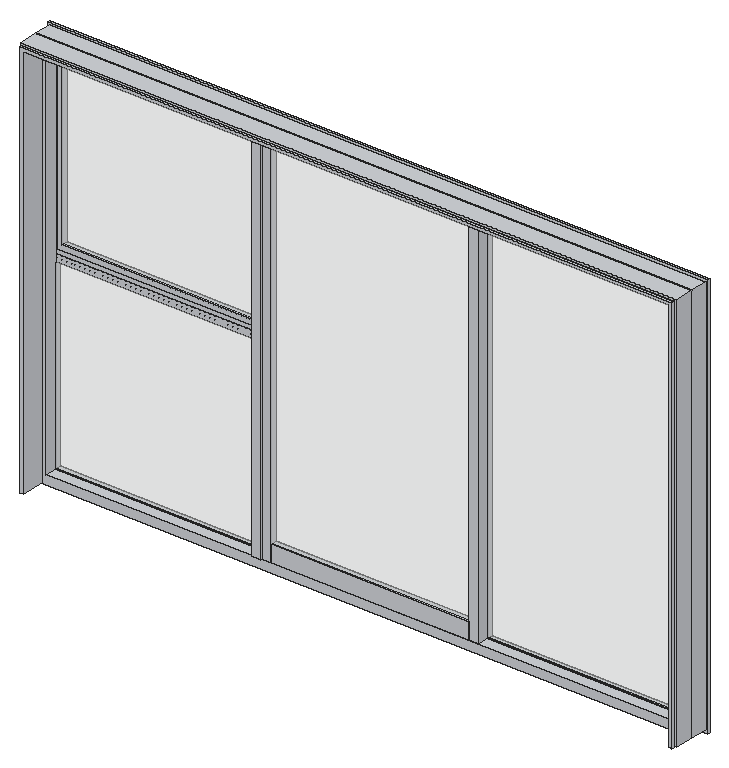
Revit family "APL Residential Thermal Heart Sliding Door FSF with Sidelight", category Doors, host Wall, Revit 2017 (continued)
Definition of nested family "APL Residential Thermal Heart Sliding Door FSF with Sidelight Horizontal Section"
  Definition of nested family "Jamb&Sash"
    Definition of nested family "65400_Jamb Fixed"
      Lines and regions (mm)
        detail lines, in view "Ref. Level"
          curve 133: line (40.611, 35.169, 0) -> (53.707, 34.1, 0)
          curve 134: line (53.707, 34.1, 0) -> (58.307, 34.1, 0)
          curve 135: line (58.307, 34.1, 0) -> (58.707, 33.7, 0)
          curve 136: line (58.707, 33.7, 0) -> (59.107, 34.1, 0)
          curve 137: line (59.107, 34.1, 0) -> (68.1, 34.1, 0)
          curve 138: line (68.3, 34.3, 0) -> (68.3, 42.5, 0)
          curve 139: line (68.8, 43, 0) -> (71.117, 43, 0)
          curve 140: line (71.887, 43.268, 0) -> (73.297, 43.782, 0)
          curve 141: line (73.699, 43.474, 0) -> (73.492, 41.108, 0)
          curve 142: line (73.405, 40.922, 0) -> (73.041, 40.559, 0)
          curve 143: line (72.707, 40.648, 0) -> (72.662, 40.816, 0)
          curve 144: line (72.521, 40.957, 0) -> (70.388, 41.528, 0)
          curve 145: line (70.2, 40.753, 0) -> (70.2, 37.525, 0)
          curve 146: line (70.2, 37.5, 0) -> (70.006, 36.75, 0)
          curve 147: line (70.2, 36.5, 0) -> (70.721, 36.5, 0)
          curve 148: line (70.877, 36.544, 0) -> (72.131, 37.309, 0)
          curve 149: line (72.7, 37.45, 0) -> (72.7, 35.876, 0)
          curve 150: line (72.7, 34.126, 0) -> (72.7, 32.551, 0)
          curve 151: line (72.131, 32.691, 0) -> (70.877, 33.456, 0)
          curve 152: line (70.721, 33.5, 0) -> (70.2, 33.5, 0)
          curve 153: line (70.006, 33.25, 0) -> (70.2, 32.5, 0)
          curve 154: line (70.2, 32.475, 0) -> (70.2, 29.247, 0)
          curve 155: line (70.532, 28.51, 0) -> (72.521, 29.043, 0)
          curve 156: line (72.662, 29.184, 0) -> (72.707, 29.352, 0)
          curve 157: line (73.041, 29.441, 0) -> (73.405, 29.078, 0)
          curve 158: line (73.492, 28.892, 0) -> (73.699, 26.526, 0)
          curve 159: line (73.297, 26.218, 0) -> (71.887, 26.732, 0)
          curve 160: line (71.117, 27, 0) -> (66.201, 27, 0)
          curve 161: line (65.7, 26.5, 0) -> (65.7, 17.481, 0)
          curve 162: line (67.7, 11, 0) -> (67.7, 9.9, 0)
          curve 163: line (67.9, 9.7, 0) -> (69.3, 9.7, 0)
          curve 164: line (69.5, 9.9, 0) -> (69.5, 10.2, 0)
          curve 165: line (70.5, 10.2, 0) -> (70.5, 7.649, 0)
          curve 166: line (69.5, 7.65, 0) -> (69.5, 8.5, 0)
          curve 167: line (69.3, 8.7, 0) -> (67.9, 8.7, 0)
          curve 168: line (67.7, 8.5, 0) -> (67.7, 1.2, 0)
          curve 169: line (67.9, 1, 0) -> (69.3, 1, 0)
          curve 170: line (69.5, 1.2, 0) -> (69.5, 2.05, 0)
          curve 171: line (70.5, 2.05, 0) -> (70.5, 0.501, 0)
          curve 172: line (70, 0, 0) -> (42.7, 0, 0)
          curve 173: line (42.5, 0.2, 0) -> (42.5, 1.75, 0)
          curve 174: line (43.5, 1.75, 0) -> (43.5, 1.2, 0)
          curve 175: line (43.7, 1, 0) -> (44.8, 1, 0)
          curve 176: line (45, 1.2, 0) -> (45, 6.3, 0)
          curve 177: line (44.8, 6.5, 0) -> (43.7, 6.5, 0)
          curve 178: line (43.5, 6.3, 0) -> (43.5, 5.75, 0)
          curve 179: line (42.5, 5.75, 0) -> (42.5, 6.5, 0)
          curve 180: line (43.5, 7.5, 0) -> (44.395, 7.5, 0)
          curve 181: line (44.6, 7.7, 0) -> (44.6, 18.8, 0)
          curve 182: line (44.395, 19, 0) -> (34.3, 19, 0)
          curve 183: line (34.3, 19, 0) -> (33.9, 19.4, 0)
          curve 184: line (33.9, 19.4, 0) -> (33.5, 19, 0)
          curve 185: line (33.5, 19, 0) -> (26.583, 19, 0)
          curve 186: line (25.813, 18.732, 0) -> (24.403, 18.218, 0)
          curve 187: line (24.001, 18.526, 0) -> (24.208, 20.892, 0)
          curve 188: line (24.295, 21.078, 0) -> (24.659, 21.441, 0)
          curve 189: line (24.993, 21.352, 0) -> (25.038, 21.184, 0)
          curve 190: line (25.179, 21.043, 0) -> (27.312, 20.472, 0)
          curve 191: line (27.5, 21.247, 0) -> (27.5, 24.475, 0)
          curve 192: line (27.5, 24.5, 0) -> (27.694, 25.25, 0)
          curve 193: line (27.5, 25.5, 0) -> (26.979, 25.5, 0)
          curve 194: line (26.823, 25.456, 0) -> (25.569, 24.691, 0)
          curve 195: line (25, 24.55, 0) -> (25, 26.126, 0)
          curve 196: line (25.479, 26.979, 0) -> (26.284, 27.471, 0)
          curve 197: line (26.389, 27.5, 0) -> (27.5, 27.5, 0)
          curve 198: line (27.5, 27.5, 0) -> (27.5, 34.3, 0)
          curve 199: arc (27.5, 34.3, 0) -> (27.447, 34.435, 0) -> (27.317, 34.499, 0) r 0.2
          curve 200: arc (70.2, 32.6, 0) -> (70.317, 32.883, 0) -> (70.6, 33, 0) r 0.4
          curve 201: arc (70.893, 33, 0) -> (70.996, 32.986, 0) -> (71.093, 32.946, 0) r 0.4
          curve 202: arc (72.621, 32.061, 0) -> (72.911, 31.941, 0) -> (73.222, 31.9, 0) r 1.2
          curve 203: arc (74.145, 31.9, 0) -> (74.718, 31.719, 0) -> (75.084, 31.242, 0) r 1
          curve 204: arc (75.877, 29.063, 0) -> (76.024, 28.872, 0) -> (76.253, 28.8, 0) r 0.4
          curve 205: arc (78.947, 28.8, 0) -> (79.176, 28.872, 0) -> (79.323, 29.063, 0) r 0.4
          curve 206: arc (80.116, 31.242, 0) -> (80.482, 31.719, 0) -> (81.055, 31.9, 0) r 1
          curve 207: arc (81.978, 31.9, 0) -> (82.289, 31.941, 0) -> (82.579, 32.061, 0) r 1.2
          curve 208: arc (84.107, 32.946, 0) -> (84.204, 32.986, 0) -> (84.307, 33, 0) r 0.4
          curve 209: arc (84.6, 33, 0) -> (84.883, 32.883, 0) -> (85, 32.6, 0) r 0.4
          curve 210: arc (85, 29.2, 0) -> (84.883, 28.917, 0) -> (84.6, 28.8, 0) r 0.4
          curve 211: arc (84.307, 28.8, 0) -> (84.204, 28.814, 0) -> (84.107, 28.854, 0) r 0.4
          curve 212: arc (82.579, 29.739, 0) -> (82.285, 29.86, 0) -> (81.97, 29.9, 0) r 1.2
          curve 213: arc (81.97, 29.9, 0) -> (81.795, 29.847, 0) -> (81.684, 29.703, 0) r 0.3
          curve 214: arc (80.796, 27.263, 0) -> (80.649, 27.072, 0) -> (80.42, 27, 0) r 0.4
          curve 215: arc (74.78, 27, 0) -> (74.551, 27.072, 0) -> (74.404, 27.263, 0) r 0.4
          curve 216: arc (73.516, 29.703, 0) -> (73.405, 29.847, 0) -> (73.23, 29.9, 0) r 0.3
          curve 217: arc (73.23, 29.9, 0) -> (72.915, 29.86, 0) -> (72.621, 29.739, 0) r 1.2
          curve 218: arc (71.093, 28.854, 0) -> (70.996, 28.814, 0) -> (70.893, 28.8, 0) r 0.4
          curve 219: arc (70.6, 28.8, 0) -> (70.317, 28.917, 0) -> (70.2, 29.2, 0) r 0.4
          curve 220: line (70.6, 33, 0) -> (70.893, 33, 0)
          curve 221: line (71.093, 32.946, 0) -> (72.621, 32.061, 0)
          curve 222: line (73.222, 31.9, 0) -> (74.145, 31.9, 0)
          curve 223: line (75.084, 31.242, 0) -> (75.877, 29.063, 0)
          curve 224: line (76.253, 28.8, 0) -> (78.947, 28.8, 0)
          curve 225: line (79.323, 29.063, 0) -> (80.116, 31.242, 0)
          curve 226: line (81.055, 31.9, 0) -> (81.978, 31.9, 0)
          curve 227: line (82.579, 32.061, 0) -> (84.107, 32.946, 0)
          curve 228: line (84.307, 33, 0) -> (84.6, 33, 0)
          curve 229: line (85, 32.6, 0) -> (85, 29.2, 0)
          curve 230: line (84.6, 28.8, 0) -> (84.307, 28.8, 0)
          curve 231: line (84.107, 28.854, 0) -> (82.579, 29.739, 0)
          curve 232: line (81.684, 29.703, 0) -> (80.796, 27.263, 0)
          curve 233: line (80.42, 27, 0) -> (74.78, 27, 0)
          curve 234: line (74.404, 27.263, 0) -> (73.516, 29.703, 0)
          curve 235: line (72.621, 29.739, 0) -> (71.093, 28.854, 0)
          curve 236: line (70.893, 28.8, 0) -> (70.6, 28.8, 0)
          curve 237: line (70.2, 29.2, 0) -> (70.2, 32.6, 0)
          curve 238: arc (70.2, 37.4, 0) -> (70.317, 37.117, 0) -> (70.6, 37, 0) r 0.4
          curve 239: arc (70.893, 37, 0) -> (70.996, 37.014, 0) -> (71.093, 37.054, 0) r 0.4
          curve 240: arc (72.621, 37.939, 0) -> (72.911, 38.059, 0) -> (73.222, 38.1, 0) r 1.2
          curve 241: arc (74.145, 38.1, 0) -> (74.718, 38.281, 0) -> (75.084, 38.758, 0) r 1
          curve 242: arc (75.877, 40.937, 0) -> (76.024, 41.128, 0) -> (76.253, 41.2, 0) r 0.4
          curve 243: arc (78.947, 41.2, 0) -> (79.176, 41.128, 0) -> (79.323, 40.937, 0) r 0.4
          curve 244: arc (80.116, 38.758, 0) -> (80.482, 38.281, 0) -> (81.055, 38.1, 0) r 1
          curve 245: arc (81.978, 38.1, 0) -> (82.289, 38.059, 0) -> (82.579, 37.939, 0) r 1.2
          curve 246: arc (84.107, 37.054, 0) -> (84.204, 37.014, 0) -> (84.307, 37, 0) r 0.4
          curve 247: arc (84.6, 37, 0) -> (84.883, 37.117, 0) -> (85, 37.4, 0) r 0.4
          curve 248: arc (85, 40.8, 0) -> (84.883, 41.083, 0) -> (84.6, 41.2, 0) r 0.4
          curve 249: arc (84.307, 41.2, 0) -> (84.204, 41.186, 0) -> (84.107, 41.146, 0) r 0.4
          curve 250: arc (82.579, 40.262, 0) -> (82.285, 40.14, 0) -> (81.97, 40.1, 0) r 1.2
          curve 251: arc (81.97, 40.1, 0) -> (81.795, 40.153, 0) -> (81.684, 40.297, 0) r 0.3
          curve 252: arc (80.796, 42.737, 0) -> (80.649, 42.928, 0) -> (80.42, 43, 0) r 0.4
          curve 253: arc (74.78, 43, 0) -> (74.551, 42.928, 0) -> (74.404, 42.737, 0) r 0.4
          curve 254: arc (73.516, 40.297, 0) -> (73.405, 40.153, 0) -> (73.23, 40.1, 0) r 0.3
          curve 255: arc (73.23, 40.1, 0) -> (72.915, 40.14, 0) -> (72.621, 40.262, 0) r 1.2
          curve 256: arc (71.093, 41.146, 0) -> (70.996, 41.186, 0) -> (70.893, 41.2, 0) r 0.4
          curve 257: arc (70.6, 41.2, 0) -> (70.317, 41.083, 0) -> (70.2, 40.8, 0) r 0.4
          curve 258: line (70.6, 37, 0) -> (70.893, 37, 0)
          curve 259: line (71.093, 37.054, 0) -> (72.621, 37.939, 0)
          curve 260: line (73.222, 38.1, 0) -> (74.145, 38.1, 0)
          curve 261: line (75.084, 38.758, 0) -> (75.877, 40.937, 0)
          curve 262: line (76.253, 41.2, 0) -> (78.947, 41.2, 0)
          curve 263: line (79.323, 40.937, 0) -> (80.116, 38.758, 0)
          curve 264: line (81.055, 38.1, 0) -> (81.978, 38.1, 0)
          curve 265: line (82.579, 37.939, 0) -> (84.107, 37.054, 0)
          curve 266: line (84.307, 37, 0) -> (84.6, 37, 0)
          curve 267: line (85, 37.4, 0) -> (85, 40.8, 0)
          curve 268: line (84.6, 41.2, 0) -> (84.307, 41.2, 0)
          curve 269: line (84.107, 41.146, 0) -> (82.579, 40.262, 0)
          curve 270: line (81.684, 40.297, 0) -> (80.796, 42.737, 0)
          curve 271: line (80.42, 43, 0) -> (74.78, 43, 0)
          curve 272: line (74.404, 42.737, 0) -> (73.516, 40.297, 0)
          curve 273: line (72.621, 40.262, 0) -> (71.093, 41.146, 0)
          curve 274: line (70.893, 41.2, 0) -> (70.6, 41.2, 0)
          curve 275: line (70.2, 40.8, 0) -> (70.2, 37.4, 0)
          curve 276: arc (113.4, 7.123, 0) -> (113.327, 7.05, 0) -> (113.3, 6.95, 0) r 0.2
          curve 277: arc (113.3, 2.75, 0) -> (113.327, 2.65, 0) -> (113.4, 2.577, 0) r 0.2
          curve 278: arc (113.4, 2.577, 0) -> (113.473, 2.504, 0) -> (113.5, 2.404, 0) r 0.2
          curve 279: arc (113.5, 1.2, 0) -> (113.441, 1.059, 0) -> (113.3, 1, 0) r 0.2
          curve 280: arc (111.701, 1, 0) -> (111.559, 1.058, 0) -> (111.5, 1.2, 0) r 0.2
          curve 281: arc (111.5, 2.05, 0) -> (111, 2.549, 0) -> (110.5, 2.05, 0) r 0.5
          curve 282: arc (110.5, 0.5, 0) -> (110.646, 0.146, 0) -> (111, 0, 0) r 0.499
          curve 283: arc (114.5, 0, 0) -> (114.847, 0.153, 0) -> (115, 0.5, 0) r 0.523
          curve 284: arc (115, 21.5, 0) -> (114.856, 21.856, 0) -> (114.5, 22, 0) r 0.493
          curve 285: arc (111.7, 22, 0) -> (111.558, 22.058, 0) -> (111.5, 22.2, 0) r 0.199
          curve 286: arc (111.5, 29.801, 0) -> (110.852, 31.441, 0) -> (109.258, 32.195, 0) r 2.399
          curve 287: arc (109.258, 32.195, 0) -> (108.878, 32.412, 0) -> (108.814, 32.844, 0) r 0.5
          curve 288: arc (108.814, 32.844, 0) -> (109, 34.047, 0) -> (108.816, 35.25, 0) r 4
          curve 289: arc (108.816, 35.25, 0) -> (108.89, 35.696, 0) -> (109.293, 35.9, 0) r 0.5
          curve 290: arc (109.5, 35.9, 0) -> (110.914, 36.486, 0) -> (111.5, 37.9, 0) r 2.001
          curve 291: arc (120.75, 41.5, 0) -> (121.501, 42.253, 0) -> (120.745, 43, 0) r 0.75
          curve 292: arc (111.5, 43, 0) -> (110.439, 42.561, 0) -> (110, 41.5, 0) r 1.5
          curve 293: arc (110, 38, 0) -> (109.941, 37.859, 0) -> (109.8, 37.8, 0) r 0.2
          curve 294: arc (100.5, 37.8, 0) -> (100.146, 37.654, 0) -> (100, 37.3, 0) r 0.5
          curve 295: arc (100, 36.8, 0) -> (100.146, 36.446, 0) -> (100.5, 36.3, 0) r 0.5
          curve 296: arc (101.927, 36.3, 0) -> (102.266, 36.167, 0) -> (102.426, 35.84, 0) r 0.5
          curve 297: arc (102.426, 35.84, 0) -> (102.912, 35.197, 0) -> (103.7, 35.366, 0) r 0.75
          curve 298: arc (103.7, 35.366, 0) -> (105, 35.9, 0) -> (106.3, 35.366, 0) r 1.85
          curve 299: arc (106.3, 35.366, 0) -> (106.442, 35.256, 0) -> (106.607, 35.183, 0) r 0.75
          curve 300: arc (106.607, 35.183, 0) -> (106.791, 35.08, 0) -> (106.916, 34.91, 0) r 0.5
          curve 301: arc (106.916, 34.91, 0) -> (107.1, 34.05, 0) -> (106.916, 33.19, 0) r 2.1
          curve 302: arc (106.916, 33.19, 0) -> (106.791, 33.02, 0) -> (106.607, 32.917, 0) r 0.5
          curve 303: arc (106.607, 32.917, 0) -> (106.442, 32.844, 0) -> (106.3, 32.734, 0) r 0.75
          curve 304: arc (106.3, 32.734, 0) -> (105, 32.2, 0) -> (103.7, 32.734, 0) r 1.85
          curve 305: arc (103.7, 32.734, 0) -> (103.027, 32.936, 0) -> (102.482, 32.491, 0) r 0.75
          curve 306: arc (102.482, 32.491, 0) -> (102.32, 32.284, 0) -> (102.075, 32.188, 0) r 0.5
          curve 307: arc (102.075, 32.188, 0) -> (101.154, 31.86, 0) -> (100.481, 31.15, 0) r 2.1
          curve 308: arc (100.481, 31.15, 0) -> (100.298, 30.967, 0) -> (100.048, 30.9, 0) r 0.5
          curve 309: arc (91.556, 30.9, 0) -> (91.287, 30.978, 0) -> (91.103, 31.188, 0) r 0.5
          curve 310: arc (91.103, 31.188, 0) -> (90.328, 32.071, 0) -> (89.2, 32.4, 0) r 2.1
          curve 311: arc (87.9, 32.4, 0) -> (87.193, 32.693, 0) -> (86.9, 33.4, 0) r 1
          curve 312: arc (86.9, 42.5, 0) -> (86.754, 42.854, 0) -> (86.4, 43, 0) r 0.5
          curve 313: arc (84.083, 43, 0) -> (83.778, 42.801, 0) -> (83.505, 43.043, 0) r 0.3
          curve 314: arc (83.505, 43.043, 0) -> (83.439, 43.181, 0) -> (83.313, 43.268, 0) r 0.3
          curve 315: arc (81.903, 43.782, 0) -> (81.617, 43.738, 0) -> (81.501, 43.474, 0) r 0.3
          curve 316: arc (81.708, 41.108, 0) -> (81.735, 41.008, 0) -> (81.795, 40.922, 0) r 0.3
          curve 317: arc (82.159, 40.559, 0) -> (82.352, 40.507, 0) -> (82.493, 40.648, 0) r 0.2
          curve 318: arc (82.538, 40.816, 0) -> (82.59, 40.905, 0) -> (82.679, 40.957, 0) r 0.2
          curve 319: arc (84.822, 41.49, 0) -> (85.164, 41.343, 0) -> (85.1, 40.976, 0) r 0.3
          curve 320: arc (85.1, 40.976, 0) -> (85.026, 40.875, 0) -> (85, 40.753, 0) r 0.3
          curve 321: arc (85.194, 36.75, 0) -> (85.158, 36.578, 0) -> (85, 36.5, 0) r 0.2
          curve 322: arc (84.479, 36.5, 0) -> (84.398, 36.511, 0) -> (84.323, 36.544, 0) r 0.3
          curve 323: arc (83.069, 37.309, 0) -> (83.063, 37.502, 0) -> (82.92, 37.633, 0) r 0.25
          curve 324: arc (82.92, 37.633, 0) -> (82.65, 37.679, 0) -> (82.5, 37.45, 0) r 0.25
          curve 325: arc (82.5, 35.874, 0) -> (82.582, 35.477, 0) -> (82.815, 35.146, 0) r 1
          curve 326: arc (82.815, 35.146, 0) -> (82.878, 35, 0) -> (82.815, 34.854, 0) r 0.2
          curve 327: arc (82.815, 34.854, 0) -> (82.582, 34.523, 0) -> (82.5, 34.126, 0) r 1
          curve 328: arc (82.5, 32.55, 0) -> (82.628, 32.332, 0) -> (82.88, 32.337, 0) r 0.25
          curve 329: arc (82.966, 32.389, 0) -> (83.072, 32.521, 0) -> (83.069, 32.691, 0) r 0.25
          curve 330: arc (84.323, 33.456, 0) -> (84.398, 33.489, 0) -> (84.479, 33.5, 0) r 0.3
          curve 331: arc (85, 33.5, 0) -> (85.158, 33.423, 0) -> (85.194, 33.25, 0) r 0.2
          curve 332: arc (85, 29.247, 0) -> (85.026, 29.125, 0) -> (85.1, 29.024, 0) r 0.3
          curve 333: arc (85.1, 29.024, 0) -> (85.164, 28.657, 0) -> (84.822, 28.51, 0) r 0.3
          curve 334: arc (82.679, 29.043, 0) -> (82.59, 29.095, 0) -> (82.538, 29.184, 0) r 0.2
          curve 335: arc (82.493, 29.352, 0) -> (82.352, 29.493, 0) -> (82.159, 29.441, 0) r 0.2
          curve 336: arc (81.795, 29.078, 0) -> (81.735, 28.992, 0) -> (81.708, 28.892, 0) r 0.3
          curve 337: arc (81.501, 26.526, 0) -> (81.617, 26.262, 0) -> (81.903, 26.218, 0) r 0.3
          curve 338: arc (83.313, 26.732, 0) -> (83.439, 26.819, 0) -> (83.505, 26.957, 0) r 0.3
          curve 339: arc (83.505, 26.957, 0) -> (83.778, 27.199, 0) -> (84.083, 27, 0) r 0.3
          curve 340: arc (86.7, 27, 0) -> (86.841, 27.059, 0) -> (86.9, 27.2, 0) r 0.2
          curve 341: arc (86.9, 30.3, 0) -> (86.959, 30.441, 0) -> (87.1, 30.5, 0) r 0.2
          curve 342: arc (89.2, 30.5, 0) -> (89.341, 30.441, 0) -> (89.4, 30.3, 0) r 0.2
          curve 343: arc (89.4, 29.2, 0) -> (89.459, 29.059, 0) -> (89.6, 29, 0) r 0.2
          curve 344: arc (101.9, 29, 0) -> (102.042, 29.059, 0) -> (102.1, 29.2, 0) r 0.2
          curve 345: arc (102.1, 30.1, 0) -> (102.159, 30.241, 0) -> (102.3, 30.3, 0) r 0.2
          curve 346: arc (109.1, 30.3, 0) -> (109.454, 30.154, 0) -> (109.6, 29.8, 0) r 0.5
          curve 347: arc (109.6, 28.5, 0) -> (109.541, 28.359, 0) -> (109.4, 28.3, 0) r 0.2
          curve 348: arc (107.3, 28.3, 0) -> (107.159, 28.241, 0) -> (107.1, 28.1, 0) r 0.2
          curve 349: arc (107.1, 27.2, 0) -> (107.159, 27.059, 0) -> (107.3, 27, 0) r 0.2
          curve 350: arc (109.5, 27, 0) -> (109.854, 26.854, 0) -> (110, 26.5, 0) r 0.5
          curve 351: arc (110, 20.2, 0) -> (110.146, 19.846, 0) -> (110.5, 19.7, 0) r 0.5
          curve 352: arc (111.3, 19.7, 0) -> (111.441, 19.759, 0) -> (111.5, 19.9, 0) r 0.2
          curve 353: arc (113.3, 20.7, 0) -> (113.441, 20.641, 0) -> (113.5, 20.5, 0) r 0.2
          curve 354: arc (113.5, 15.6, 0) -> (113.1, 15.2, 0) -> (113.5, 14.8, 0) r 0.4
          curve 355: arc (113.5, 9.9, 0) -> (113.441, 9.759, 0) -> (113.3, 9.7, 0) r 0.2
          curve 356: arc (111.5, 10.3, 0) -> (111.383, 10.583, 0) -> (111.1, 10.7, 0) r 0.4
          curve 357: arc (111, 10.7, 0) -> (110.646, 10.553, 0) -> (110.5, 10.2, 0) r 0.5
          curve 358: arc (110.5, 7.65, 0) -> (111, 7.15, 0) -> (111.5, 7.65, 0) r 0.5
          curve 359: arc (111.5, 8.5, 0) -> (111.559, 8.641, 0) -> (111.7, 8.7, 0) r 0.2
          curve 360: arc (113.3, 8.7, 0) -> (113.441, 8.641, 0) -> (113.5, 8.5, 0) r 0.2
          curve 361: line (113.3, 6.95, 0) -> (113.3, 2.75, 0)
          curve 362: line (113.5, 2.404, 0) -> (113.5, 1.2, 0)
          curve 363: line (113.3, 1, 0) -> (111.701, 1, 0)
          curve 364: line (111.5, 1.2, 0) -> (111.5, 2.05, 0)
          curve 365: line (110.5, 2.05, 0) -> (110.5, 0.5, 0)
          curve 366: line (111, 0, 0) -> (114.5, 0, 0)
          curve 367: line (115, 0.5, 0) -> (115, 21.5, 0)
          curve 368: line (114.5, 22, 0) -> (111.7, 22, 0)
          curve 369: line (111.5, 22.2, 0) -> (111.5, 29.801, 0)
          curve 370: line (109.293, 35.9, 0) -> (109.5, 35.9, 0)
          curve 371: line (111.5, 37.9, 0) -> (111.5, 41.5, 0)
          curve 372: line (111.5, 41.5, 0) -> (120.75, 41.5, 0)
          curve 373: line (120.745, 43, 0) -> (119, 43, 0)
          curve 374: line (119, 43, 0) -> (118.6, 42.6, 0)
          curve 375: line (118.6, 42.6, 0) -> (112.3, 42.6, 0)
          curve 376: line (112.3, 42.6, 0) -> (111.9, 43, 0)
          curve 377: line (111.9, 43, 0) -> (111.5, 43, 0)
          curve 378: line (110, 41.5, 0) -> (110, 38, 0)
          curve 379: line (109.8, 37.8, 0) -> (100.5, 37.8, 0)
          curve 380: line (100, 37.3, 0) -> (100, 36.8, 0)
          curve 381: line (100.5, 36.3, 0) -> (101.927, 36.3, 0)
          curve 382: line (100.048, 30.9, 0) -> (91.556, 30.9, 0)
          curve 383: line (89.2, 32.4, 0) -> (87.9, 32.4, 0)
          curve 384: line (86.9, 33.4, 0) -> (86.9, 42.5, 0)
          curve 385: line (86.4, 43, 0) -> (84.083, 43, 0)
          curve 386: line (83.313, 43.268, 0) -> (81.903, 43.782, 0)
          curve 387: line (81.501, 43.474, 0) -> (81.708, 41.108, 0)
          curve 388: line (81.795, 40.922, 0) -> (82.159, 40.559, 0)
          curve 389: line (82.493, 40.648, 0) -> (82.538, 40.816, 0)
          curve 390: line (82.679, 40.957, 0) -> (84.812, 41.528, 0)
          curve 391: line (85, 40.753, 0) -> (85, 37.525, 0)
          curve 392: line (85, 37.5, 0) -> (85.194, 36.75, 0)
          curve 393: line (85, 36.5, 0) -> (84.479, 36.5, 0)
          curve 394: line (84.323, 36.544, 0) -> (83.069, 37.309, 0)
          curve 395: line (82.5, 37.45, 0) -> (82.5, 35.874, 0)
          curve 396: line (82.5, 34.126, 0) -> (82.5, 32.55, 0)
          curve 397: line (83.069, 32.691, 0) -> (84.323, 33.456, 0)
          curve 398: line (84.479, 33.5, 0) -> (85, 33.5, 0)
          curve 399: line (85.194, 33.25, 0) -> (85, 32.5, 0)
          curve 400: line (85, 32.475, 0) -> (85, 29.248, 0)
          curve 401: line (84.812, 28.472, 0) -> (82.679, 29.043, 0)
          curve 402: line (82.538, 29.184, 0) -> (82.493, 29.352, 0)
          curve 403: line (82.159, 29.441, 0) -> (81.795, 29.078, 0)
          curve 404: line (81.708, 28.892, 0) -> (81.501, 26.526, 0)
          curve 405: line (81.903, 26.218, 0) -> (83.313, 26.732, 0)
          curve 406: line (84.083, 27, 0) -> (86.7, 27, 0)
          curve 407: line (86.9, 27.2, 0) -> (86.9, 30.3, 0)
          curve 408: line (87.1, 30.5, 0) -> (89.2, 30.5, 0)
          curve 409: line (89.4, 30.3, 0) -> (89.4, 29.2, 0)
          curve 410: line (89.6, 29, 0) -> (95.4, 29, 0)
          curve 411: line (95.4, 29, 0) -> (95.8, 29.4, 0)
          curve 412: line (95.8, 29.4, 0) -> (96.2, 29, 0)
          curve 413: line (96.2, 29, 0) -> (101.9, 29, 0)
          curve 414: line (102.1, 29.2, 0) -> (102.1, 30.1, 0)
          curve 415: line (102.3, 30.3, 0) -> (109.1, 30.3, 0)
          curve 416: line (109.6, 29.8, 0) -> (109.6, 28.5, 0)
          curve 417: line (109.4, 28.3, 0) -> (107.3, 28.3, 0)
          curve 418: line (107.1, 28.1, 0) -> (107.1, 27.2, 0)
          curve 419: line (107.3, 27, 0) -> (109.5, 27, 0)
          curve 420: line (110, 26.5, 0) -> (110, 20.2, 0)
          curve 421: line (110.5, 19.7, 0) -> (111.3, 19.7, 0)
          curve 422: line (111.5, 19.9, 0) -> (111.5, 20.7, 0)
          curve 423: line (111.5, 20.7, 0) -> (113.3, 20.7, 0)
          curve 424: line (113.5, 20.5, 0) -> (113.5, 15.6, 0)
          curve 425: line (113.5, 14.8, 0) -> (113.5, 9.9, 0)
          curve 426: line (113.3, 9.7, 0) -> (111.5, 9.7, 0)
          curve 427: line (111.5, 9.7, 0) -> (111.5, 10.3, 0)
          curve 428: line (110.5, 10.2, 0) -> (110.5, 7.65, 0)
          curve 429: line (111.5, 7.65, 0) -> (111.5, 8.5, 0)
          curve 430: line (111.7, 8.7, 0) -> (113.3, 8.7, 0)
          curve 431: line (113.5, 8.5, 0) -> (113.5, 7.296, 0)
          curve 432: arc (113.5, 7.296, 0) -> (113.473, 7.196, 0) -> (113.4, 7.123, 0) r 0.2
          curve 433: arc (12.7, 24.6, 0) -> (12.817, 24.883, 0) -> (13.1, 25, 0) r 0.4
          curve 434: arc (13.393, 25, 0) -> (13.496, 24.986, 0) -> (13.593, 24.946, 0) r 0.4
          curve 435: arc (15.121, 24.062, 0) -> (15.411, 23.941, 0) -> (15.722, 23.9, 0) r 1.2
          curve 436: arc (16.645, 23.9, 0) -> (17.218, 23.719, 0) -> (17.584, 23.242, 0) r 1
          curve 437: arc (18.377, 21.063, 0) -> (18.524, 20.872, 0) -> (18.753, 20.8, 0) r 0.4
          curve 438: arc (21.447, 20.8, 0) -> (21.676, 20.872, 0) -> (21.823, 21.063, 0) r 0.4
          curve 439: arc (22.616, 23.242, 0) -> (22.982, 23.719, 0) -> (23.555, 23.9, 0) r 1
          curve 440: arc (24.478, 23.9, 0) -> (24.789, 23.941, 0) -> (25.079, 24.062, 0) r 1.2
          curve 441: arc (26.607, 24.946, 0) -> (26.704, 24.986, 0) -> (26.807, 25, 0) r 0.4
          curve 442: arc (27.1, 25, 0) -> (27.383, 24.883, 0) -> (27.5, 24.6, 0) r 0.4
          curve 443: arc (27.5, 21.2, 0) -> (27.383, 20.917, 0) -> (27.1, 20.8, 0) r 0.4
          curve 444: arc (26.807, 20.8, 0) -> (26.704, 20.814, 0) -> (26.607, 20.854, 0) r 0.4
          curve 445: arc (25.079, 21.739, 0) -> (24.785, 21.86, 0) -> (24.47, 21.9, 0) r 1.2
          curve 446: arc (24.47, 21.9, 0) -> (24.295, 21.847, 0) -> (24.184, 21.703, 0) r 0.3
          curve 447: arc (23.296, 19.263, 0) -> (23.149, 19.072, 0) -> (22.92, 19, 0) r 0.4
          curve 448: arc (17.28, 19, 0) -> (17.051, 19.072, 0) -> (16.904, 19.263, 0) r 0.4
          curve 449: arc (16.016, 21.703, 0) -> (15.905, 21.847, 0) -> (15.73, 21.9, 0) r 0.3
          curve 450: arc (15.73, 21.9, 0) -> (15.415, 21.86, 0) -> (15.121, 21.739, 0) r 1.2
          curve 451: arc (13.593, 20.854, 0) -> (13.496, 20.814, 0) -> (13.393, 20.8, 0) r 0.4
          curve 452: arc (13.1, 20.8, 0) -> (12.817, 20.917, 0) -> (12.7, 21.2, 0) r 0.4
          curve 453: line (13.1, 25, 0) -> (13.393, 25, 0)
          curve 454: line (13.593, 24.946, 0) -> (15.121, 24.062, 0)
          curve 455: line (15.722, 23.9, 0) -> (16.645, 23.9, 0)
          curve 456: line (17.584, 23.242, 0) -> (18.377, 21.063, 0)
          curve 457: line (18.753, 20.8, 0) -> (21.447, 20.8, 0)
          curve 458: line (21.823, 21.063, 0) -> (22.616, 23.242, 0)
          curve 459: line (23.555, 23.9, 0) -> (24.478, 23.9, 0)
          curve 460: line (25.079, 24.062, 0) -> (26.607, 24.946, 0)
          curve 461: line (26.807, 25, 0) -> (27.1, 25, 0)
          curve 462: line (27.5, 24.6, 0) -> (27.5, 21.2, 0)
          curve 463: line (27.1, 20.8, 0) -> (26.807, 20.8, 0)
          curve 464: line (26.607, 20.854, 0) -> (25.079, 21.739, 0)
          curve 465: line (24.184, 21.703, 0) -> (23.296, 19.263, 0)
          curve 466: line (22.92, 19, 0) -> (17.28, 19, 0)
          curve 467: line (16.904, 19.263, 0) -> (16.016, 21.703, 0)
          curve 468: line (15.121, 21.739, 0) -> (13.593, 20.854, 0)
          curve 469: line (13.393, 20.8, 0) -> (13.1, 20.8, 0)
          curve 470: line (12.7, 21.2, 0) -> (12.7, 24.6, 0)
          curve 471: arc (12.7, 40.8, 0) -> (12.817, 41.083, 0) -> (13.1, 41.2, 0) r 0.4
          curve 472: arc (13.393, 41.2, 0) -> (13.496, 41.186, 0) -> (13.593, 41.146, 0) r 0.4
          curve 473: arc (15.121, 40.262, 0) -> (15.411, 40.141, 0) -> (15.722, 40.1, 0) r 1.2
          curve 474: arc (16.645, 40.1, 0) -> (17.218, 39.919, 0) -> (17.584, 39.442, 0) r 1
          curve 475: arc (18.377, 37.263, 0) -> (18.524, 37.072, 0) -> (18.753, 37, 0) r 0.4
          curve 476: arc (21.447, 37, 0) -> (21.676, 37.072, 0) -> (21.823, 37.263, 0) r 0.4
          curve 477: arc (22.616, 39.442, 0) -> (22.982, 39.919, 0) -> (23.555, 40.1, 0) r 1
          curve 478: arc (24.478, 40.1, 0) -> (24.789, 40.141, 0) -> (25.079, 40.262, 0) r 1.2
          curve 479: arc (26.607, 41.146, 0) -> (26.704, 41.186, 0) -> (26.807, 41.2, 0) r 0.4
          curve 480: arc (27.1, 41.2, 0) -> (27.383, 41.083, 0) -> (27.5, 40.8, 0) r 0.4
          curve 481: arc (27.5, 37.4, 0) -> (27.383, 37.117, 0) -> (27.1, 37, 0) r 0.4
          curve 482: arc (26.807, 37, 0) -> (26.704, 37.014, 0) -> (26.607, 37.054, 0) r 0.4
          curve 483: arc (25.079, 37.939, 0) -> (24.785, 38.06, 0) -> (24.47, 38.1, 0) r 1.2
          curve 484: arc (24.47, 38.1, 0) -> (24.295, 38.047, 0) -> (24.184, 37.903, 0) r 0.3
          curve 485: arc (23.296, 35.463, 0) -> (23.149, 35.272, 0) -> (22.92, 35.2, 0) r 0.4
          curve 486: arc (17.28, 35.2, 0) -> (17.051, 35.272, 0) -> (16.904, 35.463, 0) r 0.4
          curve 487: arc (16.016, 37.903, 0) -> (15.905, 38.047, 0) -> (15.73, 38.1, 0) r 0.3
          curve 488: arc (15.73, 38.1, 0) -> (15.415, 38.06, 0) -> (15.121, 37.939, 0) r 1.2
          curve 489: arc (13.593, 37.054, 0) -> (13.496, 37.014, 0) -> (13.393, 37, 0) r 0.4
          curve 490: arc (13.1, 37, 0) -> (12.817, 37.117, 0) -> (12.7, 37.4, 0) r 0.4
          curve 491: line (13.1, 41.2, 0) -> (13.393, 41.2, 0)
          curve 492: line (13.593, 41.146, 0) -> (15.121, 40.262, 0)
          curve 493: line (15.722, 40.1, 0) -> (16.645, 40.1, 0)
          curve 494: line (17.584, 39.442, 0) -> (18.377, 37.263, 0)
          curve 495: line (18.753, 37, 0) -> (21.447, 37, 0)
          curve 496: line (21.823, 37.263, 0) -> (22.616, 39.442, 0)
          curve 497: line (23.555, 40.1, 0) -> (24.478, 40.1, 0)
          curve 498: line (25.079, 40.262, 0) -> (26.607, 41.146, 0)
          curve 499: line (26.807, 41.2, 0) -> (27.1, 41.2, 0)
          curve 500: line (27.5, 40.8, 0) -> (27.5, 37.4, 0)
          curve 501: line (27.1, 37, 0) -> (26.807, 37, 0)
          curve 502: line (26.607, 37.054, 0) -> (25.079, 37.939, 0)
          curve 503: line (24.184, 37.903, 0) -> (23.296, 35.463, 0)
          curve 504: line (22.92, 35.2, 0) -> (17.28, 35.2, 0)
          curve 505: line (16.904, 35.463, 0) -> (16.016, 37.903, 0)
          curve 506: line (15.121, 37.939, 0) -> (13.593, 37.054, 0)
          curve 507: line (13.393, 37, 0) -> (13.1, 37, 0)
          curve 508: line (12.7, 37.4, 0) -> (12.7, 40.8, 0)
          curve 509: arc (10.8, 36.502, 0) -> (11.356, 35.157, 0) -> (12.7, 34.6, 0) r 1.9
          curve 510: arc (13.1, 34.6, 0) -> (13.241, 34.541, 0) -> (13.3, 34.4, 0) r 0.2
          curve 511: arc (13.3, 27.6, 0) -> (13.241, 27.459, 0) -> (13.1, 27.4, 0) r 0.2
          curve 512: arc (11, 27.4, 0) -> (10.859, 27.341, 0) -> (10.8, 27.2, 0) r 0.2
          curve 513: arc (10.8, 26.717, 0) -> (10.741, 26.575, 0) -> (10.6, 26.517, 0) r 0.2
          curve 514: arc (1.9, 26.517, 0) -> (1.546, 26.663, 0) -> (1.4, 27.017, 0) r 0.5
          curve 515: arc (1.4, 40.755, 0) -> (1.521, 41.369, 0) -> (1.869, 41.889, 0) r 1.6
          curve 516: arc (6.387, 46.407, 0) -> (6.711, 46.624, 0) -> (7.094, 46.7, 0) r 1
          curve 517: arc (9.8, 46.7, 0) -> (10.507, 46.407, 0) -> (10.8, 45.7, 0) r 1
          curve 518: arc (1.665, 19.379, 0) -> (1.729, 19.478, 0) -> (1.725, 19.597, 0) r 0.2
          curve 519: arc (1.725, 19.597, 0) -> (1.621, 19.766, 0) -> (1.453, 19.873, 0) r 0.45
          curve 520: arc (1.453, 19.873, 0) -> (1.357, 19.948, 0) -> (1.322, 20.064, 0) r 0.2
          curve 521: arc (1.379, 24.919, 0) -> (1.438, 25.059, 0) -> (1.579, 25.117, 0) r 0.2
          curve 522: arc (10.6, 25.117, 0) -> (10.741, 25.058, 0) -> (10.8, 24.917, 0) r 0.2
          curve 523: arc (10.8, 20.828, 0) -> (10.773, 20.728, 0) -> (10.7, 20.655, 0) r 0.2
          curve 524: arc (9.6, 20.02, 0) -> (9.38, 19.8, 0) -> (9.3, 19.5, 0) r 0.6
          curve 525: arc (9.3, 19.2, 0) -> (9.359, 19.059, 0) -> (9.5, 19, 0) r 0.2
          curve 526: arc (13.617, 19, 0) -> (13.922, 19.199, 0) -> (14.195, 18.957, 0) r 0.3
          curve 527: arc (14.195, 18.957, 0) -> (14.261, 18.819, 0) -> (14.387, 18.732, 0) r 0.3
          curve 528: arc (15.797, 18.218, 0) -> (16.083, 18.262, 0) -> (16.199, 18.526, 0) r 0.3
          curve 529: arc (15.992, 20.892, 0) -> (15.965, 20.992, 0) -> (15.905, 21.078, 0) r 0.3
          curve 530: arc (15.541, 21.441, 0) -> (15.348, 21.493, 0) -> (15.207, 21.352, 0) r 0.2
          curve 531: arc (15.162, 21.184, 0) -> (15.11, 21.095, 0) -> (15.021, 21.043, 0) r 0.2
          curve 532: arc (12.878, 20.51, 0) -> (12.536, 20.657, 0) -> (12.6, 21.024, 0) r 0.3
          curve 533: arc (12.6, 21.024, 0) -> (12.674, 21.125, 0) -> (12.7, 21.247, 0) r 0.3
          curve 534: arc (12.506, 25.25, 0) -> (12.542, 25.422, 0) -> (12.7, 25.5, 0) r 0.2
          curve 535: arc (13.221, 25.5, 0) -> (13.302, 25.489, 0) -> (13.377, 25.456, 0) r 0.3
          curve 536: arc (14.631, 24.691, 0) -> (14.637, 24.498, 0) -> (14.78, 24.367, 0) r 0.25
          curve 537: arc (14.78, 24.367, 0) -> (15.05, 24.321, 0) -> (15.2, 24.55, 0) r 0.25
          curve 538: arc (15.2, 34.401, 0) -> (15.259, 34.542, 0) -> (15.4, 34.6, 0) r 0.2
          curve 539: arc (16.479, 34.6, 0) -> (16.643, 34.685, 0) -> (16.667, 34.868, 0) r 0.2
          curve 540: arc (15.775, 37.318, 0) -> (15.702, 37.414, 0) -> (15.587, 37.45, 0) r 0.2
          curve 541: arc (15.353, 37.45, 0) -> (15.248, 37.48, 0) -> (15.174, 37.561, 0) r 0.2
          curve 542: arc (15.174, 37.561, 0) -> (14.995, 37.696, 0) -> (14.78, 37.633, 0) r 0.25
          curve 543: arc (14.78, 37.633, 0) -> (14.637, 37.502, 0) -> (14.631, 37.309, 0) r 0.25
          curve 544: arc (13.377, 36.544, 0) -> (13.302, 36.511, 0) -> (13.221, 36.5, 0) r 0.3
          curve 545: arc (12.7, 36.5, 0) -> (12.542, 36.578, 0) -> (12.506, 36.75, 0) r 0.2
          curve 546: arc (12.7, 40.753, 0) -> (12.674, 40.875, 0) -> (12.6, 40.976, 0) r 0.3
          curve 547: arc (12.6, 40.976, 0) -> (12.536, 41.343, 0) -> (12.878, 41.49, 0) r 0.3
          curve 548: arc (15.021, 40.957, 0) -> (15.11, 40.905, 0) -> (15.162, 40.816, 0) r 0.2
          curve 549: arc (15.207, 40.648, 0) -> (15.348, 40.507, 0) -> (15.541, 40.559, 0) r 0.2
          curve 550: arc (15.905, 40.922, 0) -> (15.965, 41.008, 0) -> (15.992, 41.108, 0) r 0.3
          curve 551: arc (16.199, 43.474, 0) -> (16.083, 43.738, 0) -> (15.797, 43.782, 0) r 0.3
          curve 552: arc (14.387, 43.268, 0) -> (14.261, 43.181, 0) -> (14.195, 43.043, 0) r 0.3
          curve 553: arc (14.195, 43.043, 0) -> (13.922, 42.801, 0) -> (13.617, 43, 0) r 0.3
          curve 554: arc (12.6, 43, 0) -> (12.459, 43.059, 0) -> (12.4, 43.2, 0) r 0.2
          curve 555: arc (12.4, 45.696, 0) -> (11.64, 47.537, 0) -> (9.8, 48.3, 0) r 2.6
          curve 556: arc (7.9, 48.3, 0) -> (7.547, 48.446, 0) -> (7.4, 48.8, 0) r 0.5
          curve 557: arc (7.4, 56.402, 0) -> (7.508, 56.581, 0) -> (7.716, 56.566, 0) r 0.2
          curve 558: arc (7.716, 56.566, 0) -> (8.721, 56.692, 0) -> (8.684, 57.705, 0) r 0.75
          curve 559: arc (8.684, 57.705, 0) -> (8.15, 59.005, 0) -> (8.684, 60.305, 0) r 1.85
          curve 560: arc (8.684, 60.305, 0) -> (8.794, 60.447, 0) -> (8.867, 60.612, 0) r 0.75
          curve 561: arc (8.867, 60.612, 0) -> (8.97, 60.796, 0) -> (9.14, 60.921, 0) r 0.5
          curve 562: arc (9.14, 60.921, 0) -> (10, 61.105, 0) -> (10.86, 60.921, 0) r 2.1
          curve 563: arc (10.86, 60.921, 0) -> (11.03, 60.796, 0) -> (11.133, 60.612, 0) r 0.5
          curve 564: arc (11.133, 60.612, 0) -> (11.206, 60.447, 0) -> (11.316, 60.305, 0) r 0.75
          curve 565: arc (11.316, 60.305, 0) -> (11.85, 59.005, 0) -> (11.316, 57.705, 0) r 1.85
          curve 566: arc (11.316, 57.705, 0) -> (11.323, 56.644, 0) -> (12.384, 56.651, 0) r 0.75
          curve 567: arc (12.384, 56.651, 0) -> (13.348, 58.881, 0) -> (12.551, 61.176, 0) r 3.35
          curve 568: arc (12.551, 61.176, 0) -> (12.478, 61.71, 0) -> (12.932, 62, 0) r 0.5
          curve 569: arc (13.15, 62, 0) -> (13.291, 62.059, 0) -> (13.35, 62.2, 0) r 0.2
          curve 570: arc (13.35, 62.5, 0) -> (13.204, 62.854, 0) -> (12.85, 63, 0) r 0.5
          curve 571: arc (7, 63, 0) -> (6.293, 62.707, 0) -> (6, 62, 0) r 1
          curve 572: arc (6, 49.243, 0) -> (5.772, 48.095, 0) -> (5.121, 47.121, 0) r 3
          curve 573: arc (0.879, 42.879, 0) -> (0.228, 41.905, 0) -> (0, 40.757, 0) r 3
          curve 574: arc (0, 19.2, 0) -> (0.059, 19.059, 0) -> (0.2, 19, 0) r 0.2
          curve 575: line (10.8, 45.7, 0) -> (10.8, 36.502, 0)
          curve 576: line (12.7, 34.6, 0) -> (13.1, 34.6, 0)
          curve 577: line (13.3, 34.4, 0) -> (13.3, 27.6, 0)
          curve 578: line (13.1, 27.4, 0) -> (11, 27.4, 0)
          curve 579: line (10.8, 27.2, 0) -> (10.8, 26.717, 0)
          curve 580: line (10.6, 26.517, 0) -> (1.9, 26.517, 0)
          curve 581: line (1.4, 27.017, 0) -> (1.4, 40.755, 0)
          curve 582: line (1.869, 41.889, 0) -> (6.387, 46.407, 0)
          curve 583: line (7.094, 46.7, 0) -> (9.8, 46.7, 0)
          curve 584: line (1.322, 20.064, 0) -> (1.379, 24.919, 0)
          curve 585: line (1.579, 25.117, 0) -> (10.6, 25.117, 0)
          curve 586: line (10.8, 24.917, 0) -> (10.8, 20.828, 0)
          curve 587: line (10.7, 20.655, 0) -> (9.6, 20.02, 0)
          curve 588: line (9.3, 19.5, 0) -> (9.3, 19.2, 0)
          curve 589: line (9.5, 19, 0) -> (13.617, 19, 0)
          curve 590: line (14.387, 18.732, 0) -> (15.797, 18.218, 0)
          curve 591: line (16.199, 18.526, 0) -> (15.992, 20.892, 0)
          curve 592: line (15.905, 21.078, 0) -> (15.541, 21.441, 0)
          curve 593: line (15.207, 21.352, 0) -> (15.162, 21.184, 0)
          curve 594: line (15.021, 21.043, 0) -> (12.888, 20.472, 0)
          curve 595: line (12.7, 21.247, 0) -> (12.7, 24.475, 0)
          curve 596: line (12.7, 24.5, 0) -> (12.506, 25.25, 0)
          curve 597: line (12.7, 25.5, 0) -> (13.221, 25.5, 0)
          curve 598: line (13.377, 25.456, 0) -> (14.631, 24.691, 0)
          curve 599: line (15.2, 24.55, 0) -> (15.2, 26.126, 0)
          curve 600: line (15.2, 26.126, 0) -> (15.2, 34.401, 0)
          curve 601: line (15.4, 34.6, 0) -> (16.479, 34.6, 0)
          curve 602: line (16.667, 34.868, 0) -> (15.775, 37.318, 0)
          curve 603: line (15.587, 37.45, 0) -> (15.353, 37.45, 0)
          curve 604: line (14.631, 37.309, 0) -> (13.377, 36.544, 0)
          curve 605: line (13.221, 36.5, 0) -> (12.7, 36.5, 0)
          curve 606: line (12.506, 36.75, 0) -> (12.7, 37.5, 0)
          curve 607: line (12.7, 37.525, 0) -> (12.7, 40.753, 0)
          curve 608: line (12.888, 41.528, 0) -> (15.021, 40.957, 0)
          curve 609: line (15.162, 40.816, 0) -> (15.207, 40.648, 0)
          curve 610: line (15.541, 40.559, 0) -> (15.905, 40.922, 0)
          curve 611: line (15.992, 41.108, 0) -> (16.199, 43.474, 0)
          curve 612: line (15.797, 43.782, 0) -> (14.387, 43.268, 0)
          curve 613: line (13.617, 43, 0) -> (12.6, 43, 0)
          curve 614: line (12.4, 43.2, 0) -> (12.4, 45.696, 0)
          curve 615: line (9.8, 48.3, 0) -> (7.9, 48.3, 0)
          curve 616: line (7.4, 48.8, 0) -> (7.4, 56.402, 0)
          curve 617: line (12.932, 62, 0) -> (13.15, 62, 0)
          curve 618: line (13.35, 62.2, 0) -> (13.35, 62.5, 0)
          curve 619: line (12.85, 63, 0) -> (7, 63, 0)
          curve 620: line (6, 62, 0) -> (6, 49.243, 0)
          curve 621: line (5.121, 47.121, 0) -> (0.879, 42.879, 0)
          curve 622: line (0, 40.757, 0) -> (0, 19.2, 0)
          curve 623: line (0.2, 19, 0) -> (1.214, 19, 0)
          curve 624: line (1.214, 19, 0) -> (1.665, 19.379, 0)
      Text (mm)
        text "65400" at (42.552, 67.011, 0), in view "Ref. Level"
    Definition of nested family "65585_Infill"
      Reference planes
        plane 1 "Center (Front/Back)": y = 0
        plane 2: z = 0
        plane 3 "Center (Left/Right)": x = 0
      Lines and regions (mm)
        model lines, in view "Ref. Level"
          curve 1: arc (0.752, -3.072, 0) -> (0.936, -2.765, 0) -> (1, -2.413, 0) r 1
          curve 2: arc (1, -2, 0) -> (1.146, -1.646, 0) -> (1.5, -1.5, 0) r 0.5
          curve 3: arc (36.55, -1.5, 0) -> (36.904, -1.646, 0) -> (37.05, -2, 0) r 0.5
          curve 4: arc (37.05, -2.542, 0) -> (37.582, -3.901, 0) -> (38.896, -4.536, 0) r 2
          curve 5: arc (38.896, -4.536, 0) -> (39.7, -4.528, 0) -> (40.49, -4.38, 0) r 4.6
          curve 6: arc (40.49, -4.38, 0) -> (40.927, -4.463, 0) -> (41.125, -4.861, 0) r 0.5
          curve 7: arc (41.125, -5.356, 0) -> (41.077, -5.571, 0) -> (40.941, -5.744, 0) r 0.5
          curve 8: arc (40.941, -5.744, 0) -> (40.536, -5.965, 0) -> (40.078, -6.026, 0) r 1.261
          curve 9: arc (40.078, -6.026, 0) -> (38.967, -6.436, 0) -> (38.5, -7.524, 0) r 1.5
          curve 10: arc (38.5, -11, 0) -> (38.793, -11.707, 0) -> (39.5, -12, 0) r 1
          curve 11: arc (41.5, -12, 0) -> (42, -11.5, 0) -> (41.5, -11, 0) r 0.5
          curve 12: arc (39.5, -7.524, 0) -> (39.656, -7.161, 0) -> (40.026, -7.024, 0) r 0.5
          curve 13: arc (40.026, -7.024, 0) -> (41.175, -6.779, 0) -> (42.045, -5.99, 0) r 2.261
          curve 14: arc (42.045, -5.99, 0) -> (42.105, -5.861, 0) -> (42.125, -5.72, 0) r 0.5
          curve 15: arc (42.125, -3.292, 0) -> (41.854, -2.848, 0) -> (41.335, -2.884, 0) r 0.5
          curve 16: arc (41.335, -2.884, 0) -> (40.212, -3.419, 0) -> (38.973, -3.539, 0) r 3.6
          curve 17: arc (38.973, -3.539, 0) -> (38.316, -3.222, 0) -> (38.05, -2.542, 0) r 1
          curve 18: arc (38.05, -2.011, 0) -> (38.088, -1.819, 0) -> (38.196, -1.657, 0) r 0.5
          curve 19: arc (39.427, -0.427, 0) -> (39.481, -0.154, 0) -> (39.25, 0, 0) r 0.25
          curve 20: arc (0.5, 0, 0) -> (0.146, -0.146, 0) -> (0, -0.5, 0) r 0.5
          curve 21: line (1, -2.413, 0) -> (1, -2, 0)
          curve 22: line (1.5, -1.5, 0) -> (36.55, -1.5, 0)
          curve 23: line (37.05, -2, 0) -> (37.05, -2.542, 0)
          curve 24: line (41.125, -4.861, 0) -> (41.125, -5.356, 0)
          curve 25: line (38.5, -7.524, 0) -> (38.5, -11, 0)
          curve 26: line (39.5, -12, 0) -> (41.5, -12, 0)
          curve 27: line (41.5, -11, 0) -> (39.5, -11, 0)
          curve 28: line (39.5, -11, 0) -> (39.5, -7.524, 0)
          curve 29: line (42.125, -5.72, 0) -> (42.125, -3.292, 0)
          curve 30: line (38.05, -2.542, 0) -> (38.05, -2.011, 0)
          curve 31: line (38.196, -1.657, 0) -> (39.427, -0.427, 0)
          curve 32: line (39.25, 0, 0) -> (0.5, 0, 0)
          curve 33: line (0, -0.5, 0) -> (0, -2.413, 0)
          curve 34: arc (0, -2.413, 0) -> (-0.837, -6.153, 0) -> (1.856, -8.881, 0) r 4
          curve 35: arc (1.856, -8.881, 0) -> (2.479, -8.546, 0) -> (2.144, -7.923, 0) r 0.5
          curve 36: arc (2.144, -7.923, 0) -> (0.124, -5.878, 0) -> (0.752, -3.072, 0) r 3
      Text (mm)
        text "65585" at (9.33, 14.342, 0), in view "Ref. Level"
    Definition of nested family "65720_Sash"
      Reference planes
        plane 1 "Center (Front/Back)": y = 0
        plane 2: z = 0
        plane 3 "Center (Left/Right)": x = 0
      Lines and regions (mm)
        detail lines, in view "Ref. Level"
          curve 1: arc (-0.482, 17.85, 0) -> (-0.172, 17.71, 0) -> (-0.009, 18.009, 0) r 0.25
          curve 2: arc (-0.036, 27.897, 0) -> (-0.198, 28.196, 0) -> (-0.508, 28.056, 0) r 0.25
          curve 3: line (-0.009, 18.009, 0) -> (-1.003, 21.876, 0)
          curve 4: line (-1.003, 21.876, 0) -> (0, 22.455, 0)
          curve 5: line (0, 22.455, 0) -> (0, 23.455, 0)
          curve 6: line (0, 23.455, 0) -> (-1.025, 24.047, 0)
          curve 7: line (-1.025, 24.047, 0) -> (-0.036, 27.897, 0)
          curve 8: line (-0.508, 28.056, 0) -> (-2.232, 23.955, 0)
          curve 9: line (-2.232, 23.955, 0) -> (-3.5, 23.955, 0)
          curve 10: line (-3.5, 23.955, 0) -> (-3.5, 25.205, 0)
          curve 11: line (-3.5, 25.205, 0) -> (-4.5, 25.205, 0)
          curve 12: line (-4.5, 25.205, 0) -> (-4.5, 20.705, 0)
          curve 13: line (-4.5, 20.705, 0) -> (-3.5, 20.705, 0)
          curve 14: line (-3.5, 20.705, 0) -> (-3.5, 21.955, 0)
          curve 15: line (-3.5, 21.955, 0) -> (-2.208, 21.955, 0)
          curve 16: line (-2.208, 21.955, 0) -> (-0.482, 17.85, 0)
        detail lines, in view "Ref. Level", not visible
          curve 17: arc (33.161, -9.933, 0) -> (32.851, -9.793, 0) -> (32.689, -10.092, 0) r 0.25
          curve 18: arc (32.715, -19.98, 0) -> (32.877, -20.279, 0) -> (33.188, -20.139, 0) r 0.25
          curve 19: line (32.689, -10.092, 0) -> (33.683, -13.959, 0)
          curve 20: line (33.683, -13.959, 0) -> (32.679, -14.539, 0)
          curve 21: line (32.679, -14.539, 0) -> (32.679, -15.539, 0)
          curve 22: line (32.679, -15.539, 0) -> (33.705, -16.131, 0)
          curve 23: line (33.705, -16.131, 0) -> (32.715, -19.98, 0)
          curve 24: line (33.188, -20.139, 0) -> (34.912, -16.039, 0)
          curve 25: line (34.912, -16.039, 0) -> (36.179, -16.039, 0)
          curve 26: line (36.179, -16.039, 0) -> (36.179, -17.289, 0)
          curve 27: line (36.179, -17.289, 0) -> (37.179, -17.289, 0)
          curve 28: line (37.179, -17.289, 0) -> (37.179, -12.789, 0)
          curve 29: line (37.179, -12.789, 0) -> (36.179, -12.789, 0)
          curve 30: line (36.179, -12.789, 0) -> (36.179, -14.039, 0)
          curve 31: line (36.179, -14.039, 0) -> (34.887, -14.039, 0)
          curve 32: line (34.887, -14.039, 0) -> (33.161, -9.933, 0)
        model lines, in view "Ref. Level"
          curve 33: arc (17.915, 0.146, 0) -> (17.978, 0, 0) -> (17.915, -0.146, 0) r 0.2
          curve 34: arc (17.915, -0.146, 0) -> (17.682, -0.477, 0) -> (17.6, -0.874, 0) r 1
          curve 35: arc (17.6, -2.45, 0) -> (17.728, -2.668, 0) -> (17.98, -2.663, 0) r 0.25
          curve 36: arc (18.066, -2.611, 0) -> (18.172, -2.479, 0) -> (18.169, -2.309, 0) r 0.25
          curve 37: arc (19.422, -1.544, 0) -> (19.498, -1.511, 0) -> (19.579, -1.5, 0) r 0.3
          curve 38: arc (20.1, -1.5, 0) -> (20.258, -1.578, 0) -> (20.294, -1.75, 0) r 0.2
          curve 39: arc (20.1, -5.753, 0) -> (20.126, -5.875, 0) -> (20.2, -5.976, 0) r 0.3
          curve 40: arc (20.2, -5.976, 0) -> (20.28, -6.307, 0) -> (20, -6.5, 0) r 0.3
          curve 41: arc (17.779, -5.957, 0) -> (17.69, -5.905, 0) -> (17.638, -5.816, 0) r 0.2
          curve 42: arc (17.593, -5.648, 0) -> (17.452, -5.507, 0) -> (17.259, -5.559, 0) r 0.2
          curve 43: arc (16.895, -5.922, 0) -> (16.835, -6.008, 0) -> (16.808, -6.108, 0) r 0.3
          curve 44: arc (16.601, -8.474, 0) -> (16.717, -8.738, 0) -> (17.003, -8.782, 0) r 0.3
          curve 45: arc (18.413, -8.268, 0) -> (18.539, -8.181, 0) -> (18.605, -8.043, 0) r 0.3
          curve 46: arc (18.605, -8.043, 0) -> (18.878, -7.801, 0) -> (19.183, -8, 0) r 0.3
          curve 47: arc (38.5, -8, 0) -> (38.855, -8.145, 0) -> (39, -8.5, 0) r 0.496
          curve 48: arc (37.5, -13.6, 0) -> (36.793, -13.893, 0) -> (36.5, -14.6, 0) r 1
          curve 49: arc (36.5, -15.098, 0) -> (37, -15.599, 0) -> (37.5, -15.099, 0) r 0.5
          curve 50: arc (39.4, -19.8, 0) -> (39.1, -20.1, 0) -> (39.4, -20.4, 0) r 0.3
          curve 51: arc (37.5, -24.002, 0) -> (37.354, -23.647, 0) -> (37, -23.5, 0) r 0.5
          curve 52: arc (36.001, -23.5, 0) -> (35.859, -23.441, 0) -> (35.8, -23.3, 0) r 0.2
          curve 53: arc (35.8, -23.308, 0) -> (35.697, -23.003, 0) -> (35.429, -22.825, 0) r 0.5
          curve 54: arc (34.552, -22.589, 0) -> (34.378, -22.624, 0) -> (34.3, -22.783, 0) r 0.2
          curve 55: arc (34.52, -24.835, 0) -> (34.588, -24.953, 0) -> (34.717, -25, 0) r 0.2
          curve 56: arc (36, -26.8, 0) -> (36.059, -26.941, 0) -> (36.2, -27, 0) r 0.2
          curve 57: arc (40.6, -27, 0) -> (40.741, -26.941, 0) -> (40.8, -26.8, 0) r 0.2
          curve 58: arc (40.8, 9.2, 0) -> (40.2, 9.801, 0) -> (39.6, 9.2, 0) r 0.6
          curve 59: arc (34.719, 4.17, 0) -> (34.38, 4.303, 0) -> (34.221, 4.63, 0) r 0.5
          curve 60: arc (34.221, 4.63, 0) -> (34.008, 5.519, 0) -> (33.531, 6.299, 0) r 2.93
          curve 61: arc (33.531, 6.299, 0) -> (33.518, 6.54, 0) -> (33.747, 6.618, 0) r 0.2
          curve 62: arc (33.747, 6.618, 0) -> (34.115, 6.712, 0) -> (34.181, 7.087, 0) r 0.35
          curve 63: arc (34.181, 7.087, 0) -> (33.629, 7.751, 0) -> (32.801, 8, 0) r 1.498
          curve 64: arc (19.183, 8, 0) -> (18.878, 7.801, 0) -> (18.605, 8.043, 0) r 0.3
          curve 65: arc (18.605, 8.043, 0) -> (18.539, 8.181, 0) -> (18.413, 8.268, 0) r 0.3
          curve 66: arc (17.003, 8.782, 0) -> (16.717, 8.738, 0) -> (16.601, 8.474, 0) r 0.3
          curve 67: arc (16.808, 6.108, 0) -> (16.835, 6.008, 0) -> (16.895, 5.922, 0) r 0.3
          curve 68: arc (17.259, 5.559, 0) -> (17.452, 5.507, 0) -> (17.593, 5.648, 0) r 0.2
          curve 69: arc (17.638, 5.816, 0) -> (17.69, 5.905, 0) -> (17.779, 5.957, 0) r 0.2
          curve 70: arc (20, 6.5, 0) -> (20.28, 6.307, 0) -> (20.2, 5.976, 0) r 0.3
          curve 71: arc (20.2, 5.976, 0) -> (20.126, 5.875, 0) -> (20.1, 5.753, 0) r 0.3
          curve 72: arc (20.294, 1.75, 0) -> (20.258, 1.578, 0) -> (20.1, 1.5, 0) r 0.2
          curve 73: arc (19.579, 1.5, 0) -> (19.498, 1.511, 0) -> (19.423, 1.544, 0) r 0.3
          curve 74: arc (18.169, 2.309, 0) -> (18.172, 2.479, 0) -> (18.066, 2.611, 0) r 0.25
          curve 75: arc (17.98, 2.663, 0) -> (17.728, 2.668, 0) -> (17.6, 2.45, 0) r 0.25
          curve 76: arc (17.6, 0.874, 0) -> (17.682, 0.477, 0) -> (17.915, 0.146, 0) r 1
          curve 77: arc (28.892, 6.6, 0) -> (29.073, 6.485, 0) -> (29.046, 6.272, 0) r 0.2
          curve 78: arc (29.046, 6.272, 0) -> (28.37, 4.41, 0) -> (29.034, 2.543, 0) r 2.93
          curve 79: arc (29.034, 2.543, 0) -> (30.019, 2.445, 0) -> (30.116, 3.43, 0) r 0.7
          curve 80: arc (30.116, 3.43, 0) -> (29.77, 4.4, 0) -> (30.116, 5.37, 0) r 1.53
          curve 81: arc (30.116, 5.37, 0) -> (30.208, 5.514, 0) -> (30.262, 5.676, 0) r 0.7
          curve 82: arc (30.262, 5.676, 0) -> (30.359, 5.888, 0) -> (30.541, 6.032, 0) r 0.5
          curve 83: arc (30.541, 6.032, 0) -> (31.3, 6.2, 0) -> (32.059, 6.032, 0) r 1.8
          curve 84: arc (32.059, 6.032, 0) -> (32.241, 5.888, 0) -> (32.338, 5.676, 0) r 0.5
          curve 85: arc (32.338, 5.676, 0) -> (32.392, 5.514, 0) -> (32.484, 5.37, 0) r 0.7
          curve 86: arc (32.484, 5.37, 0) -> (32.83, 4.4, 0) -> (32.484, 3.43, 0) r 1.53
          curve 87: arc (32.484, 3.43, 0) -> (32.581, 2.445, 0) -> (33.566, 2.543, 0) r 0.7
          curve 88: arc (33.566, 2.543, 0) -> (33.647, 2.645, 0) -> (33.722, 2.751, 0) r 2.93
          curve 89: arc (33.722, 2.751, 0) -> (33.902, 2.912, 0) -> (34.135, 2.97, 0) r 0.5
          curve 90: arc (38.899, 2.97, 0) -> (39.253, 2.824, 0) -> (39.4, 2.47, 0) r 0.5
          curve 91: arc (39.4, -6.3, 0) -> (39.254, -6.654, 0) -> (38.9, -6.8, 0) r 0.5
          curve 92: arc (22.502, -6.8, 0) -> (22.147, -6.654, 0) -> (22, -6.3, 0) r 0.5
          curve 93: line (17.6, -0.874, 0) -> (17.6, -2.45, 0)
          curve 94: line (18.169, -2.309, 0) -> (19.422, -1.544, 0)
          curve 95: line (19.422, -1.544, 0) -> (20.1, -1.5, 0)
          curve 96: line (20.294, -1.75, 0) -> (20.106, -2.475, 0)
          curve 97: line (20.106, -2.475, 0) -> (20.1, -5.753, 0)
          curve 98: line (19.846, -6.5, 0) -> (17.779, -5.957, 0)
          curve 99: line (17.779, -5.957, 0) -> (17.593, -5.648, 0)
          curve 100: line (17.259, -5.559, 0) -> (16.895, -5.922, 0)
          curve 101: line (16.808, -6.108, 0) -> (16.601, -8.474, 0)
          curve 102: line (17.003, -8.782, 0) -> (18.413, -8.268, 0)
          curve 103: line (19.183, -8, 0) -> (38.5, -8, 0)
          curve 104: line (39, -8.5, 0) -> (39, -13.6, 0)
          curve 105: line (39, -13.6, 0) -> (37.5, -13.6, 0)
          curve 106: line (36.5, -14.6, 0) -> (36.5, -15.098, 0)
          curve 107: line (37.5, -15.099, 0) -> (37.5, -14.6, 0)
          curve 108: line (37.5, -14.6, 0) -> (39.4, -14.6, 0)
          curve 109: line (39.4, -14.6, 0) -> (39.4, -19.8, 0)
          curve 110: line (39.4, -20.4, 0) -> (39.4, -25.6, 0)
          curve 111: line (39.4, -25.6, 0) -> (37.5, -25.6, 0)
          curve 112: line (37.5, -25.6, 0) -> (37.5, -24.002, 0)
          curve 113: line (37, -23.5, 0) -> (36.001, -23.5, 0)
          curve 114: line (35.429, -22.825, 0) -> (34.552, -22.589, 0)
          curve 115: line (34.3, -22.783, 0) -> (34.3, -23.589, 0)
          curve 116: line (34.3, -23.589, 0) -> (34.52, -24.835, 0)
          curve 117: line (34.717, -25, 0) -> (36, -25, 0)
          curve 118: line (36, -25, 0) -> (36, -26.8, 0)
          curve 119: line (36.2, -27, 0) -> (40.6, -27, 0)
          curve 120: line (40.8, -26.8, 0) -> (40.8, 9.2, 0)
          curve 121: line (39.6, 9.2, 0) -> (39.6, 4.17, 0)
          curve 122: line (39.6, 4.17, 0) -> (34.719, 4.17, 0)
          curve 123: line (32.801, 8, 0) -> (24.7, 8, 0)
          curve 124: line (24.7, 8, 0) -> (24.3, 7.6, 0)
          curve 125: line (24.3, 7.6, 0) -> (23.9, 8, 0)
          curve 126: line (23.9, 8, 0) -> (19.183, 8, 0)
          curve 127: line (18.413, 8.268, 0) -> (17.003, 8.782, 0)
          curve 128: line (16.601, 8.474, 0) -> (16.808, 6.108, 0)
          curve 129: line (16.895, 5.922, 0) -> (17.259, 5.559, 0)
          curve 130: line (17.593, 5.648, 0) -> (17.638, 5.816, 0)
          curve 131: line (17.638, 5.816, 0) -> (19.768, 6.49, 0)
          curve 132: line (19.768, 6.49, 0) -> (20, 6.5, 0)
          curve 133: line (20.1, 5.753, 0) -> (20.1, 2.525, 0)
          curve 134: line (20.1, 2.525, 0) -> (20.294, 1.75, 0)
          curve 135: line (20.1, 1.5, 0) -> (19.579, 1.5, 0)
